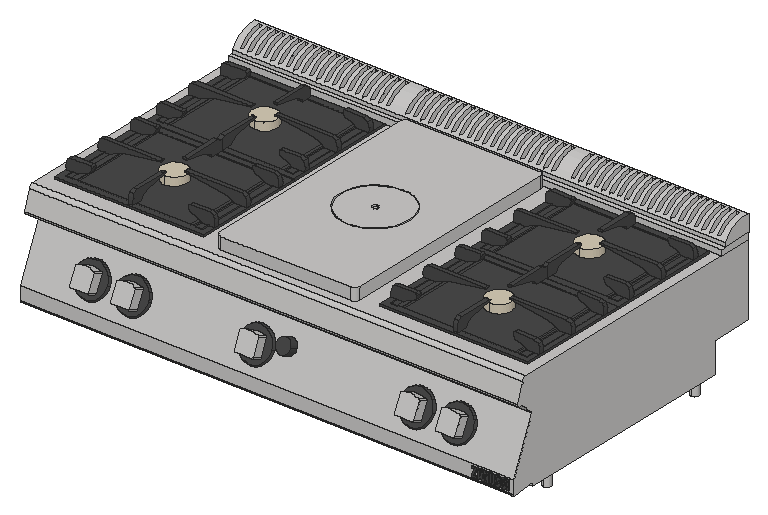
Revit family "QF_ZANUSSI_372012_Z7STGL5000", category Specialty Equipment, Revit 2018 (continued)
Automatic sketch dimensions
  Extrusion 1 sketch curve to plane 5 "FRONT" = 3.796 mm
  Extrusion 1 sketch curve to Extrusion 1 sketch curve = 0.359 mm
  Extrusion 1 sketch curve to plane 5 "FRONT" = 0 mm
  plane 9 to Extrusion 1 sketch curve = 4.371 mm
  Extrusion 1 sketch curve to Extrusion 1 sketch curve = 33.026 mm
  plane 9 to Extrusion 1 sketch curve = 74 mm
  Extrusion 1 sketch curve to Extrusion 1 sketch curve = 76.777 mm
  Extrusion 1 sketch curve to Extrusion 1 sketch curve = 28.652 mm
  Extrusion 1 sketch curve to Extrusion 1 sketch curve = 1.122 mm
  Extrusion 1 sketch curve to Extrusion 1 sketch curve = 3.976 mm
  Extrusion 1 sketch curve to plane 6 "TOP" = 8.152 mm
  Extrusion 1 sketch curve to Extrusion 1 sketch curve = 10.625 mm
  plane 3 "LEFT" to Blend 7 sketch curve = 154.705 mm  (x2)
  plane 3 "LEFT" to Extrusion 8 sketch curve = 131.705 mm
  Extrusion 8 sketch curve to Extrusion 8 sketch curve = 2.997 mm  (x3)
  Extrusion 8 sketch curve to Extrusion 8 sketch curve = 20.003 mm  (x2)
  Extrusion 8 sketch curve to Extrusion 8 sketch curve = 40.005 mm
  Extrusion 8 sketch curve to Extrusion 8 sketch curve = 5.399 mm
  Extrusion 8 sketch curve to Extrusion 8 sketch curve = 40.037 mm
  Extrusion 8 sketch curve to Extrusion 8 sketch curve = 0 mm  (x2)
  plane 3 "LEFT" to Extrusion 9 sketch curve = 137.205 mm
  Extrusion 9 sketch curve to Extrusion 9 sketch curve = 35 mm  (x2)
  plane 3 "LEFT" to Extrusion 10 sketch curve = 272.205 mm
  Extrusion 10 sketch curve to Extrusion 10 sketch curve = 35 mm  (x2)
  plane 3 "LEFT" to Blend 11 sketch curve = 254.705 mm  (x2)
  plane 3 "LEFT" to Extrusion 12 sketch curve = 277.705 mm
  Extrusion 12 sketch curve to Extrusion 12 sketch curve = 2.997 mm  (x3)
  Extrusion 12 sketch curve to Extrusion 12 sketch curve = 20.003 mm  (x2)
  Extrusion 12 sketch curve to Extrusion 12 sketch curve = 40.005 mm
  Extrusion 12 sketch curve to Extrusion 12 sketch curve = 0 mm  (x2)
  Extrusion 12 sketch curve to Extrusion 12 sketch curve = 40.037 mm
  Extrusion 12 sketch curve to Extrusion 12 sketch curve = 5.399 mm
  Blend 13 sketch curve to plane 7 "Center Y" = 45 mm  (x2)
  Extrusion 14 sketch curve to plane 7 "Center Y" = 68 mm
  Extrusion 14 sketch curve to Extrusion 14 sketch curve = 2.997 mm  (x3)
  Extrusion 14 sketch curve to Extrusion 14 sketch curve = 20.003 mm  (x2)
  Extrusion 14 sketch curve to plane 7 "Center Y" = 24.997 mm
  Extrusion 14 sketch curve to Extrusion 14 sketch curve = 5.399 mm
  Extrusion 14 sketch curve to Extrusion 14 sketch curve = 40.037 mm
  Extrusion 14 sketch curve to Extrusion 14 sketch curve = 0 mm  (x2)
  Extrusion 15 sketch curve to plane 7 "Center Y" = 62.5 mm
  Extrusion 15 sketch curve to plane 7 "Center Y" = 27.5 mm
  Extrusion 15 sketch curve to Extrusion 15 sketch curve = 35 mm
  plane 7 "Center Y" to Extrusion 16 sketch curve = 29.726 mm
  Blend 17 sketch curve to plane 4 "RIGHT" = 254.705 mm  (x2)
  Extrusion 18 sketch curve to plane 4 "RIGHT" = 277.705 mm
  Extrusion 18 sketch curve to Extrusion 18 sketch curve = 2.997 mm  (x3)
  Extrusion 18 sketch curve to Extrusion 18 sketch curve = 20.003 mm  (x2)
  Extrusion 18 sketch curve to Extrusion 18 sketch curve = 40.005 mm
  Extrusion 18 sketch curve to Extrusion 18 sketch curve = 5.399 mm
  Extrusion 18 sketch curve to Extrusion 18 sketch curve = 40.037 mm
  Extrusion 18 sketch curve to Extrusion 18 sketch curve = 0 mm  (x2)
  Extrusion 19 sketch curve to plane 4 "RIGHT" = 272.205 mm
  Extrusion 19 sketch curve to Extrusion 19 sketch curve = 35 mm  (x2)
  Extrusion 20 sketch curve to plane 4 "RIGHT" = 137.205 mm
  Extrusion 20 sketch curve to Extrusion 20 sketch curve = 35 mm  (x2)
  Blend 21 sketch curve to plane 4 "RIGHT" = 154.705 mm  (x2)
  Extrusion 22 sketch curve to plane 4 "RIGHT" = 131.705 mm
  Extrusion 22 sketch curve to Extrusion 22 sketch curve = 2.997 mm  (x3)
  Extrusion 22 sketch curve to Extrusion 22 sketch curve = 20.003 mm  (x2)
  Extrusion 22 sketch curve to Extrusion 22 sketch curve = 40.005 mm
  Extrusion 22 sketch curve to Extrusion 22 sketch curve = 0 mm  (x2)
  Extrusion 22 sketch curve to Extrusion 22 sketch curve = 40.037 mm
  Extrusion 22 sketch curve to Extrusion 22 sketch curve = 5.399 mm
  Extrusion 23 sketch curve to plane 6 "TOP" = 0 mm
  Extrusion 23 sketch curve to plane 1 "BACK" = 0 mm
  plane 6 "TOP" to Extrusion 23 sketch curve = 14.288 mm
  Extrusion 23 sketch curve to Extrusion 23 sketch curve = 82 mm
  Extrusion 24 sketch curve to plane 4 "RIGHT" = 14.847 mm
  Extrusion 24 sketch curve to Extrusion 24 sketch curve = 9.296 mm  (x59)
  Extrusion 24 sketch curve to Extrusion 24 sketch curve = 9.397 mm  (x56)
  Extrusion 24 sketch curve to Extrusion 24 sketch curve = 38.47 mm  (x2)
  plane 7 "Center Y" to Extrusion 24 sketch curve = 4.698 mm
  Extrusion 24 sketch curve to plane 7 "Center Y" = 4.698 mm
  plane 1 "BACK" to Extrusion 24 sketch curve = 6.761 mm  (x60)
  Extrusion 24 sketch curve to Extrusion 24 sketch curve = 57.15 mm  (x3)
  Extrusion 24 sketch curve to Extrusion 24 sketch curve = 0 mm  (x57)
  Extrusion 25 sketch curve to plane 1 "BACK" = 0 mm
  plane 1 "BACK" to Extrusion 25 sketch curve = 1.769 mm
  plane 6 "TOP" to Extrusion 25 sketch curve = 23.812 mm
  plane 1 "BACK" to Extrusion 25 sketch curve = 69.85 mm
  Extrusion 25 sketch curve to Extrusion 25 sketch curve = 9.525 mm
  Extrusion 25 sketch curve to plane 6 "TOP" = 28.923 mm
  Extrusion 2 sketch curve to plane 4 "RIGHT" = 11 mm  (x2)
  Extrusion 2 sketch curve to plane 5 "FRONT" = 116 mm  (x2)
  plane 3 "LEFT" to Extrusion 2 sketch curve = 11 mm  (x2)
  plane 1 "BACK" to Extrusion 2 sketch curve = 149 mm  (x2)
  plane 5 "FRONT" to curve 86 = 0 mm
  curve 269 to plane 3 "LEFT" = 0 mm
  plane 5 "FRONT" to curve 277 = 0 mm
  plane 5 "FRONT" to curve 337 = 0 mm
  plane 5 "FRONT" to curve 278 = 0 mm
  plane 5 "FRONT" to curve 279 = 0 mm
  plane 5 "FRONT" to curve 338 = 0 mm
  plane 5 "FRONT" to curve 280 = 0 mm
  curve 280 to plane 4 "RIGHT" = 0 mm
  plane 5 "FRONT" to curve 88 = 0 mm
  plane 1 "BACK" to curve 2 = 0 mm
  curve 86 to plane 3 "LEFT" = 150 mm
  plane 1 "BACK" to curve 6 = 6.761 mm
  plane 3 "LEFT" to curve 6 = 14.847 mm
  curve 6 to curve 8 = 9.296 mm
  curve 8 to curve 10 = 9.397 mm
  curve 10 to curve 12 = 9.296 mm
  curve 11 to curve 14 = 9.397 mm
  curve 14 to curve 16 = 9.296 mm
  curve 15 to curve 18 = 9.397 mm
  curve 18 to curve 20 = 9.296 mm
  curve 20 to curve 22 = 9.397 mm
  curve 22 to curve 24 = 9.296 mm
  curve 24 to curve 26 = 9.397 mm
  curve 26 to curve 28 = 9.296 mm
  curve 28 to curve 33 = 9.397 mm
  plane 5 "FRONT" to curve 289 = 13.034 mm
  plane 3 "LEFT" to curve 289 = 131.705 mm
  curve 290 to curve 290 = 0.809 mm
  curve 290 to curve 291 = 1.846 mm
  curve 290 to curve 295 = 2.189 mm
  curve 30 to curve 31 = 9.296 mm
  curve 32 to curve 34 = 9.397 mm
  curve 34 to curve 35 = 9.296 mm
  curve 35 to curve 38 = 9.397 mm
  curve 38 to curve 39 = 9.296 mm
  curve 295 to curve 295 = 40.005 mm
  curve 294 to curve 294 = 0.343 mm
  curve 294 to curve 293 = 2.189 mm
  curve 293 to curve 292 = 0.809 mm
  curve 39 to curve 42 = 9.397 mm
  curve 42 to curve 45 = 9.296 mm
  curve 44 to curve 49 = 9.397 mm
  curve 46 to curve 47 = 9.296 mm
  curve 47 to curve 50 = 9.397 mm
  curve 50 to curve 51 = 9.296 mm
  plane 5 "FRONT" to curve 301 = 13.034 mm
  curve 293 to curve 301 = 54 mm
  curve 302 to curve 302 = 0.809 mm
  curve 302 to curve 303 = 1.846 mm
  curve 302 to curve 307 = 2.189 mm
  curve 52 to curve 57 = 9.397 mm
  curve 54 to curve 57 = 9.296 mm
  curve 55 to curve 83 = 9.397 mm
  curve 82 to curve 83 = 9.296 mm
  curve 303 to curve 307 = 40.005 mm
  curve 306 to curve 306 = 0.343 mm
  curve 83 to curve 78 = 9.397 mm
  curve 306 to curve 305 = 2.189 mm
  curve 305 to curve 304 = 0.809 mm
  curve 78 to curve 80 = 9.296 mm
  curve 80 to curve 74 = 9.397 mm
  curve 74 to curve 75 = 9.296 mm
  curve 76 to curve 70 = 9.397 mm
  curve 70 to curve 72 = 9.296 mm
  curve 72 to curve 66 = 9.397 mm
  curve 66 to curve 68 = 9.296 mm
  curve 68 to curve 62 = 9.397 mm
  curve 62 to curve 64 = 9.296 mm
  curve 64 to curve 58 = 9.397 mm
  curve 58 to curve 60 = 9.296 mm
  plane 1 "BACK" to curve 110 = 6.761 mm
  curve 59 to curve 110 = 38.47 mm
  curve 109 to curve 111 = 9.296 mm
  curve 111 to curve 116 = 9.397 mm
  curve 113 to curve 116 = 9.296 mm
  curve 115 to curve 120 = 9.397 mm
  curve 117 to curve 119 = 9.296 mm
  curve 118 to curve 122 = 9.397 mm
  curve 121 to curve 122 = 9.296 mm
  curve 122 to curve 125 = 9.397 mm
  curve 125 to curve 127 = 9.296 mm
  curve 126 to curve 129 = 9.397 mm
  curve 129 to curve 130 = 9.296 mm
  curve 130 to curve 134 = 9.397 mm
  plane 5 "FRONT" to curve 270 = 13.034 mm
  curve 270 to plane 7 "Center Y" = 68 mm
  curve 271 to curve 271 = 0.809 mm
  curve 271 to curve 272 = 1.846 mm
  curve 271 to curve 276 = 2.189 mm
  curve 133 to curve 136 = 9.296 mm
  curve 134 to curve 137 = 9.397 mm
  curve 137 to curve 139 = 9.296 mm
  curve 139 to curve 141 = 9.397 mm
  curve 276 to plane 7 "Center Y" = 24.997 mm
  curve 275 to curve 275 = 0.343 mm
  curve 141 to curve 142 = 9.296 mm
  curve 275 to curve 274 = 2.189 mm
  curve 274 to curve 273 = 0.809 mm
  curve 142 to curve 146 = 9.397 mm
  curve 147 to plane 7 "Center Y" = 4.698 mm
  plane 7 "Center Y" to curve 149 = 4.698 mm
  curve 149 to curve 150 = 9.296 mm
  curve 150 to curve 154 = 9.397 mm
  curve 153 to curve 155 = 9.296 mm
  curve 154 to curve 158 = 9.397 mm
  curve 157 to curve 159 = 9.296 mm
  curve 158 to curve 185 = 9.397 mm
  curve 185 to curve 187 = 9.296 mm
  curve 186 to curve 181 = 9.397 mm
  curve 181 to curve 184 = 9.296 mm
  curve 183 to curve 177 = 9.397 mm
  curve 177 to curve 178 = 9.296 mm
  curve 179 to curve 173 = 9.397 mm
  curve 173 to curve 175 = 9.296 mm
  curve 175 to curve 169 = 9.397 mm
  curve 169 to curve 170 = 9.296 mm
  curve 171 to curve 165 = 9.397 mm
  curve 165 to curve 167 = 9.296 mm
  curve 166 to curve 162 = 9.397 mm
  curve 161 to curve 163 = 9.296 mm
  curve 163 to curve 189 = 38.47 mm
  curve 189 to curve 191 = 9.296 mm
  curve 191 to curve 193 = 9.397 mm
  curve 193 to curve 195 = 9.296 mm
  curve 194 to curve 197 = 9.397 mm
  curve 197 to curve 199 = 9.296 mm
  curve 199 to curve 201 = 9.397 mm
  curve 201 to curve 203 = 9.296 mm
  curve 203 to curve 208 = 9.397 mm
  curve 205 to curve 206 = 9.296 mm
  curve 206 to curve 209 = 9.397 mm
  plane 5 "FRONT" to curve 313 = 13.034 mm
  curve 313 to plane 4 "RIGHT" = 277.705 mm
  curve 314 to curve 314 = 0.809 mm
  curve 209 to curve 212 = 9.296 mm
  curve 314 to curve 315 = 1.846 mm
  curve 314 to curve 319 = 2.189 mm
  curve 210 to curve 214 = 9.397 mm
  curve 213 to curve 216 = 9.296 mm
  curve 214 to curve 218 = 9.397 mm
  curve 217 to curve 219 = 9.296 mm
  curve 319 to curve 319 = 40.005 mm
  curve 318 to curve 318 = 0.343 mm
  curve 318 to curve 317 = 2.189 mm
  curve 317 to curve 316 = 0.809 mm
  curve 218 to curve 222 = 9.397 mm
  curve 221 to curve 224 = 9.296 mm
  curve 223 to curve 228 = 9.397 mm
  curve 225 to curve 227 = 9.296 mm
  curve 226 to curve 229 = 9.397 mm
  curve 229 to curve 232 = 9.296 mm
  plane 5 "FRONT" to curve 325 = 13.034 mm
  curve 317 to curve 325 = 54 mm
  curve 326 to curve 326 = 0.809 mm
  curve 326 to curve 327 = 1.846 mm
  curve 326 to curve 331 = 2.189 mm
  curve 231 to curve 233 = 9.397 mm
  curve 233 to curve 235 = 9.296 mm
  curve 234 to curve 237 = 9.397 mm
  curve 237 to curve 239 = 9.296 mm
  curve 239 to curve 265 = 9.397 mm
  curve 327 to curve 331 = 40.005 mm
  curve 330 to curve 330 = 0.343 mm
  curve 330 to curve 329 = 2.189 mm
  curve 329 to curve 328 = 0.809 mm
  curve 265 to curve 268 = 9.296 mm
  curve 266 to curve 261 = 9.397 mm
  curve 261 to curve 262 = 9.296 mm
  curve 263 to curve 257 = 9.397 mm
  curve 257 to curve 259 = 9.296 mm
  curve 259 to curve 253 = 9.397 mm
  curve 253 to curve 254 = 9.296 mm
  curve 255 to curve 252 = 9.397 mm
  curve 249 to curve 251 = 9.296 mm
  curve 250 to curve 246 = 9.397 mm
  curve 245 to curve 246 = 9.296 mm
  curve 247 to curve 241 = 9.397 mm
  curve 241 to curve 243 = 9.296 mm
  plane 4 "RIGHT" to curve 87 = 150 mm
  plane 5 "FRONT" to curve 319 = 14.367 mm
  curve 276 to curve 271 = 1.333 mm
  plane 5 "FRONT" to curve 307 = 14.367 mm
  curve 331 to curve 326 = 1.333 mm
  curve 295 to curve 290 = 1.333 mm
  curve 294 to curve 293 = 1.333 mm
  curve 318 to curve 317 = 1.333 mm
  curve 306 to curve 304 = 1.333 mm
  curve 330 to curve 328 = 1.333 mm
  curve 275 to curve 273 = 1.333 mm
  curve 317 to curve 318 = 2.779 mm
  curve 271 to curve 272 = 2.779 mm
  curve 305 to curve 306 = 2.779 mm
  curve 326 to curve 327 = 2.779 mm
  curve 290 to curve 291 = 2.779 mm
  curve 314 to curve 315 = 2.779 mm
  curve 274 to curve 275 = 2.779 mm
  curve 293 to curve 294 = 2.779 mm
  curve 329 to curve 330 = 2.779 mm
  curve 302 to curve 303 = 2.779 mm
  plane 1 "BACK" to curve 127 = 63.911 mm
  curve 127 to curve 131 = 0 mm
  curve 131 to curve 133 = 0 mm
  plane 1 "BACK" to curve 20 = 63.911 mm
  curve 20 to curve 22 = 0 mm
  curve 135 to curve 137 = 0 mm
  curve 24 to curve 26 = 0 mm
  curve 139 to curve 141 = 0 mm
  curve 116 to curve 125 = 0 mm
  curve 143 to curve 145 = 0 mm
  curve 28 to curve 30 = 0 mm
  curve 147 to curve 149 = 0 mm
  curve 12 to curve 18 = 0 mm
  curve 151 to curve 153 = 0 mm
  curve 32 to curve 34 = 0 mm
  curve 155 to curve 157 = 0 mm
  curve 36 to curve 38 = 0 mm
  plane 1 "BACK" to curve 161 = 63.911 mm
  curve 124 to curve 125 = 0 mm
  curve 165 to curve 161 = 0 mm
  curve 9 to curve 10 = 0 mm
  curve 40 to curve 44 = 0 mm
  curve 169 to curve 165 = 0 mm
  curve 44 to curve 46 = 0 mm
  curve 173 to curve 169 = 0 mm
  curve 112 to curve 113 = 0 mm
  curve 12 to curve 14 = 0 mm
  curve 177 to curve 173 = 0 mm
  curve 48 to curve 50 = 0 mm
  curve 181 to curve 177 = 0 mm
  curve 52 to curve 54 = 0 mm
  curve 159 to curve 185 = 0 mm
  curve 58 to curve 109 = 0 mm
  curve 163 to curve 189 = 0 mm
  curve 191 to curve 193 = 0 mm
  curve 62 to curve 58 = 0 mm
  curve 56 to curve 82 = 0 mm
  curve 195 to curve 197 = 0 mm
  curve 115 to curve 117 = 0 mm
  curve 199 to curve 201 = 0 mm
  curve 203 to curve 205 = 0 mm
  curve 207 to curve 209 = 0 mm
  curve 66 to curve 62 = 0 mm
  curve 211 to curve 213 = 0 mm
  curve 70 to curve 66 = 0 mm
  curve 215 to curve 217 = 0 mm
  curve 74 to curve 70 = 0 mm
  curve 219 to curve 221 = 0 mm
  curve 84 to curve 78 = 0 mm
  curve 223 to curve 225 = 0 mm
  curve 227 to curve 229 = 0 mm
  curve 231 to curve 268 = 0 mm
  curve 231 to curve 233 = 0 mm
  curve 267 to curve 264 = 0 mm
  curve 235 to curve 237 = 0 mm
  curve 263 to curve 260 = 0 mm
  plane 1 "BACK" to curve 241 = 63.911 mm
  curve 259 to curve 256 = 0 mm
  curve 245 to curve 241 = 0 mm
  curve 255 to curve 252 = 0 mm
  plane 1 "BACK" to curve 251 = 6.761 mm
  plane 1 "BACK" to curve 247 = 6.761 mm
  plane 1 "BACK" to curve 253 = 6.761 mm
  plane 1 "BACK" to curve 243 = 6.761 mm
  plane 1 "BACK" to curve 257 = 6.761 mm
  plane 1 "BACK" to curve 239 = 6.761 mm
  plane 1 "BACK" to curve 261 = 6.761 mm
  plane 1 "BACK" to curve 235 = 6.761 mm
  plane 1 "BACK" to curve 265 = 6.761 mm
  plane 1 "BACK" to curve 231 = 6.761 mm
  plane 1 "BACK" to curve 227 = 6.761 mm
  plane 1 "BACK" to curve 80 = 6.761 mm
  plane 1 "BACK" to curve 223 = 6.761 mm
  plane 1 "BACK" to curve 76 = 6.761 mm
  plane 1 "BACK" to curve 219 = 6.761 mm
  plane 1 "BACK" to curve 72 = 6.761 mm
  plane 1 "BACK" to curve 215 = 6.761 mm
  plane 1 "BACK" to curve 68 = 6.761 mm
  plane 1 "BACK" to curve 211 = 6.761 mm
  plane 1 "BACK" to curve 64 = 6.761 mm
  plane 1 "BACK" to curve 207 = 6.761 mm
  plane 1 "BACK" to curve 203 = 6.761 mm
  plane 1 "BACK" to curve 199 = 6.761 mm
  plane 1 "BACK" to curve 195 = 6.761 mm
  plane 1 "BACK" to curve 191 = 6.761 mm
  plane 1 "BACK" to curve 60 = 6.761 mm
  plane 1 "BACK" to curve 187 = 6.761 mm
  plane 1 "BACK" to curve 56 = 6.761 mm
  plane 1 "BACK" to curve 183 = 6.761 mm
  plane 1 "BACK" to curve 52 = 6.761 mm
  plane 1 "BACK" to curve 179 = 6.761 mm
  plane 1 "BACK" to curve 175 = 6.761 mm
  plane 1 "BACK" to curve 171 = 6.761 mm
  plane 1 "BACK" to curve 48 = 6.761 mm
  plane 1 "BACK" to curve 167 = 6.761 mm
  plane 1 "BACK" to curve 44 = 6.761 mm
  plane 1 "BACK" to curve 163 = 6.761 mm
  plane 1 "BACK" to curve 40 = 6.761 mm
  plane 1 "BACK" to curve 159 = 6.761 mm
  plane 1 "BACK" to curve 36 = 6.761 mm
  plane 1 "BACK" to curve 155 = 6.761 mm
  plane 1 "BACK" to curve 151 = 6.761 mm
  plane 1 "BACK" to curve 147 = 6.761 mm
  plane 1 "BACK" to curve 32 = 6.761 mm
  plane 1 "BACK" to curve 143 = 6.761 mm
  plane 1 "BACK" to curve 28 = 6.761 mm
  plane 1 "BACK" to curve 139 = 6.761 mm
  plane 1 "BACK" to curve 24 = 6.761 mm
  plane 1 "BACK" to curve 135 = 6.761 mm
  plane 1 "BACK" to curve 20 = 6.761 mm
  plane 1 "BACK" to curve 131 = 6.761 mm
  plane 1 "BACK" to curve 127 = 6.761 mm
  plane 1 "BACK" to curve 123 = 6.761 mm
  plane 1 "BACK" to curve 16 = 6.761 mm
  plane 1 "BACK" to curve 119 = 6.761 mm
  plane 1 "BACK" to curve 12 = 6.761 mm
  plane 1 "BACK" to curve 115 = 6.761 mm
  plane 1 "BACK" to curve 82 = 6.761 mm
  curve 86 to plane 1 "BACK" = 150 mm
  curve 299 to curve 289 = 17.5 mm
  curve 300 to curve 299 = 0 mm
  curve 299 to curve 299 = 3.203 mm
  curve 298 to curve 298 = 1.853 mm
  curve 298 to curve 298 = 1.144 mm
  curve 295 to curve 296 = 20.003 mm
  curve 289 to curve 300 = 23 mm
  curve 299 to curve 300 = 0 mm
  curve 297 to curve 297 = 2.997 mm
  curve 297 to curve 296 = 1.144 mm
  curve 292 to curve 300 = 14.297 mm
  curve 296 to curve 301 = 21.6 mm
  curve 312 to curve 301 = 17.5 mm
  curve 311 to curve 312 = 0 mm
  curve 312 to curve 311 = 3.203 mm
  curve 310 to curve 310 = 1.853 mm
  curve 310 to curve 310 = 1.144 mm
  curve 303 to curve 308 = 20.003 mm
  curve 301 to curve 311 = 23 mm
  curve 312 to curve 311 = 0 mm
  curve 309 to curve 309 = 2.997 mm
  curve 309 to curve 308 = 1.144 mm
  curve 304 to curve 312 = 14.297 mm
  plane 5 "FRONT" to curve 308 = 16.624 mm
  curve 305 to curve 308 = 32.4 mm
  curve 285 to curve 270 = 17.5 mm
  curve 284 to curve 285 = 0 mm
  curve 285 to curve 284 = 3.203 mm
  curve 283 to curve 281 = 1.853 mm
  curve 283 to curve 283 = 1.144 mm
  curve 270 to curve 284 = 23 mm
  curve 285 to curve 284 = 0 mm
  curve 272 to curve 281 = 20.003 mm
  curve 282 to curve 282 = 2.997 mm
  curve 282 to curve 282 = 1.144 mm
  curve 285 to plane 7 "Center Y" = 7.703 mm
  plane 7 "Center Y" to curve 281 = 10.4 mm
  plane 7 "Center Y" to curve 288 = 11.726 mm
  curve 288 to curve 286 = 0.309 mm
  curve 286 to plane 5 "FRONT" = 13.611 mm
  curve 286 to curve 286 = 17.691 mm
  curve 324 to curve 313 = 17.5 mm
  curve 323 to curve 324 = 0 mm  (x2)
  curve 323 to curve 323 = 3.203 mm
  curve 322 to curve 322 = 1.853 mm
  curve 322 to curve 322 = 1.144 mm
  curve 313 to curve 324 = 23 mm
  curve 319 to curve 320 = 20.003 mm
  curve 321 to curve 321 = 2.997 mm
  curve 321 to curve 321 = 1.144 mm
  curve 316 to curve 324 = 14.297 mm
  curve 320 to curve 325 = 21.6 mm
  curve 335 to curve 325 = 17.5 mm
  curve 336 to curve 335 = 0 mm  (x2)
  curve 336 to curve 335 = 3.203 mm
  curve 334 to curve 332 = 1.853 mm
  curve 334 to curve 334 = 1.144 mm
  curve 325 to curve 335 = 23 mm
  curve 327 to curve 332 = 20.003 mm
  curve 333 to curve 333 = 2.997 mm
  curve 333 to curve 333 = 1.144 mm
  curve 328 to curve 336 = 14.297 mm
  plane 5 "FRONT" to curve 332 = 16.624 mm
  curve 329 to curve 332 = 32.4 mm
  plane 5 "FRONT" to curve 281 = 16.624 mm
  plane 5 "FRONT" to curve 320 = 16.624 mm
  plane 5 "FRONT" to curve 296 = 16.624 mm
  curve 333 to plane 5 "FRONT" = 3.626 mm
  curve 297 to plane 5 "FRONT" = 3.626 mm
  curve 322 to plane 5 "FRONT" = 3.626 mm
  curve 298 to plane 5 "FRONT" = 3.626 mm
  curve 334 to plane 5 "FRONT" = 3.626 mm
  curve 321 to plane 5 "FRONT" = 3.626 mm
  curve 309 to plane 5 "FRONT" = 3.626 mm
  curve 310 to plane 5 "FRONT" = 3.626 mm
  curve 283 to plane 5 "FRONT" = 3.626 mm
  curve 282 to plane 5 "FRONT" = 3.626 mm
  curve 283 to curve 281 = 1.158 mm
  curve 310 to curve 310 = 1.158 mm
  curve 333 to curve 333 = 1.158 mm
  curve 321 to curve 320 = 1.158 mm
  curve 298 to curve 298 = 1.158 mm
  curve 320 to curve 323 = 2.878 mm
  curve 309 to curve 312 = 2.878 mm
  curve 308 to curve 311 = 2.878 mm
  curve 281 to curve 284 = 2.878 mm
  curve 282 to curve 285 = 2.878 mm
  curve 297 to curve 300 = 2.878 mm
  curve 332 to curve 335 = 2.878 mm
  curve 296 to curve 299 = 2.878 mm
  curve 333 to curve 336 = 2.878 mm
  curve 321 to curve 324 = 2.878 mm
  curve 287 to curve 286 = 0 mm
  curve 288 to plane 5 "FRONT" = 13.611 mm
  curve 284 to plane 5 "FRONT" = 15 mm
  curve 4 to curve 6 = 12.289 mm
  curve 4 to curve 5 = 6.35 mm
  radius of Extrusion 3 sketch curve = 6.35 mm
  radius of Extrusion 5 sketch curve = 82.55 mm
  radius of Extrusion 5 sketch curve = 7 mm
  radius of Blend 7 sketch curve = 42.5 mm
  radius of Blend 7 sketch curve = 40.5 mm
  radius of Blend 11 sketch curve = 42.5 mm
  radius of Blend 11 sketch curve = 40.5 mm
  radius of Blend 13 sketch curve = 42.5 mm
  radius of Blend 13 sketch curve = 40.5 mm
  radius of Extrusion 16 sketch curve = 18 mm
  radius of Blend 17 sketch curve = 42.5 mm
  radius of Blend 17 sketch curve = 40.5 mm
  radius of Blend 21 sketch curve = 42.5 mm
  radius of Blend 21 sketch curve = 40.5 mm
  radius of Extrusion 2 sketch curve = 9.5 mm  (x4)
Nested families
  nested 1: "QF_372012_BURNER" at (22.205, -365, 49.787), type "QF_372012_BURNER"
  nested 2: "QF_372012_BURNER" at (22.205, -364.695, 49.787), type "QF_372012_BURNER"
  nested 3: "QF_372012_BURNER" at (1177.795, -365, 49.787) x (-1, 0, 0) z (0, 0, 1), type "QF_372012_BURNER"
  nested 4: "QF_372012_BURNER" at (1177.795, -364.695, 49.787) x (-1, 0, 0) z (0, 0, 1), type "QF_372012_BURNER"
  nested 5: "ZAN_Logo_S" at (1145, -715, 674.628) x (1, 0, 0) z (0, -1, 0), type "ZAN_Logo_S"
Connectors
  piping at (1148, -76.2, 687), diameter 12.8
    settings: on Extrusion 3, index 2, connector inside diameter 0.50394", connector length 0 mm, flow factor 0, pipe flow 0 GPM, pressure drop 0.00 psi, fitting loss kfactor 0, connector angle 0.00°, fixture units 0, engagement length 0 mm, angle of deflection 0.00°, flow configuration 1, flow direction 1, fitting loss method 0, system type 7, joint type 0, gender type 0, connector reference index -1, connector utility 0, adjustable connector no, is connector primary yes, connector description ""
Definition of nested family "QF_372012_BURNER"
  Parameters
    Model = ""
    Manufacturer = ""
  Reference planes
    plane 1 "BACK": y = 0
    plane 2: z = 0
    plane 3 "LEFT": x = 0
    plane 4 "RIGHT": x = 365
    plane 5 "FRONT": y = -275
    plane 6 "TOP": z = 1362.406
    plane 7 "Center Y": x = 182.5
    plane 8 "Center X": y = -137.5
  Forms (mm)
    Extrusion 1, solid
      sketch origin (-5, -366.911, 5) x (1, 0, 0) y (0, 0, -1)
        loop
          arc (7.142, -850.85) -> (6.739, -862.989) -> (9.761, -874.752) r 42.809
          line (9.761, -874.752) -> (19.961, -879.425) -> (157.339, -879.425)
          arc (157.339, -879.425) -> (158.533, -878.312) -> (157.506, -877.043) r 1.197
          line (157.506, -877.043) -> (64.848, -864.021)
          arc (64.848, -864.021) -> (50.111, -858.738) -> (36.589, -850.85) r 85.245
          line (36.589, -850.85) -> (7.142, -850.85)
        loop
          line (367.858, -850.85) -> (338.411, -850.85)
          arc (338.411, -850.85) -> (324.889, -858.738) -> (310.152, -864.021) r 85.245
          line (310.152, -864.021) -> (217.494, -877.043)
          arc (217.494, -877.043) -> (216.467, -878.312) -> (217.661, -879.425) r 1.197
          line (217.661, -879.425) -> (355.039, -879.425) -> (365.239, -874.752)
          arc (365.239, -874.752) -> (368.261, -862.989) -> (367.858, -850.85) r 42.809
      from 224.564 to 234.564
    Extrusion 2, solid
      sketch origin (-5, -366.911, 5) x (1, 0, 0) y (0, 0, -1)
        loop
          arc (7.056, -850.85) -> (6.705, -862.948) -> (9.748, -874.663) r 42.876
          line (9.748, -874.663) -> (19.961, -879.425) -> (65.851, -879.425)
          arc (65.851, -879.425) -> (68.577, -878.352) -> (69.841, -875.709) r 4
          arc (69.841, -875.709) -> (68.75, -869.25) -> (64.816, -864.012) r 13.87
          arc (64.816, -864.012) -> (50.096, -858.731) -> (36.589, -850.85) r 85.245
          line (36.589, -850.85) -> (7.056, -850.85)
        loop
          line (367.944, -850.85) -> (338.411, -850.85)
          arc (338.411, -850.85) -> (324.904, -858.731) -> (310.184, -864.012) r 85.245
          arc (310.184, -864.012) -> (306.25, -869.25) -> (305.159, -875.709) r 13.87
          arc (305.159, -875.709) -> (306.423, -878.352) -> (309.149, -879.425) r 4
          line (309.149, -879.425) -> (355.039, -879.425) -> (365.252, -874.663)
          arc (365.252, -874.663) -> (368.295, -862.948) -> (367.944, -850.85) r 42.876
      from 127.064 to 137.064
    Extrusion 3, solid
      sketch origin (-5, 92.216, 5) x (1, 0, 0) y (0, 0, 1)
        loop
          arc (64.816, 864.012) -> (68.75, 869.25) -> (69.841, 875.709) r 13.87
          arc (69.841, 875.709) -> (68.577, 878.352) -> (65.851, 879.425) r 4
          line (65.851, 879.425) -> (19.961, 879.425) -> (9.748, 874.663)
          arc (9.748, 874.663) -> (6.705, 862.948) -> (7.056, 850.85) r 42.876
          line (7.056, 850.85) -> (36.589, 850.85)
          arc (36.589, 850.85) -> (50.096, 858.731) -> (64.816, 864.012) r 85.245
        loop
          arc (310.184, 864.012) -> (324.904, 858.731) -> (338.411, 850.85) r 85.245
          line (338.411, 850.85) -> (367.944, 850.85)
          arc (367.944, 850.85) -> (368.295, 862.948) -> (365.252, 874.663) r 42.876
          line (365.252, 874.663) -> (355.039, 879.425) -> (309.149, 879.425)
          arc (309.149, 879.425) -> (306.423, 878.352) -> (305.159, 875.709) r 4
          arc (305.159, 875.709) -> (306.25, 869.25) -> (310.184, 864.012) r 13.87
      from 127.064 to 137.064
    Extrusion 4, solid
      sketch origin (449.964, 337.736, 5) x (0, -1, 0) y (0, 0, 1)
        loop
          arc (366.649, 850.85) -> (375.927, 861.743) -> (389.337, 866.736) r 28.426
          line (389.337, 866.736) -> (441.256, 877.043)
          arc (441.256, 877.043) -> (442.283, 878.312) -> (441.089, 879.425) r 1.197
          line (441.089, 879.425) -> (347.797, 879.425)
          arc (347.797, 879.425) -> (343.211, 875.934) -> (337.583, 874.694) r 13.39
          line (337.583, 874.694) -> (337.583, 850.85) -> (366.649, 850.85)
        loop
          arc (606.236, 850.85) -> (606.587, 862.948) -> (603.543, 874.663) r 42.876
          line (603.543, 874.663) -> (593.33, 879.425) -> (509.077, 879.425)
          arc (509.077, 879.425) -> (507.883, 878.312) -> (508.911, 877.043) r 1.197
          line (508.911, 877.043) -> (560.83, 866.736)
          arc (560.83, 866.736) -> (574.239, 861.743) -> (583.518, 850.85) r 28.426
          line (583.518, 850.85) -> (606.236, 850.85)
      from 262.464 to 272.464
    Extrusion 5, solid
      sketch origin (-5, 367.216, 850.85) x (0, -1, 0) y (1, 0, 0)
        loop
          line (642.216, 6.433) -> (642.216, 368.567) -> (367.857, 368.567) -> (367.857, 6.433) -> (642.216, 6.433)
        loop
          line (382.857, 21.433) -> (627.216, 21.433) -> (627.216, 353.567) -> (382.857, 353.567) -> (382.857, 21.433)
      from 0 to 5
    Extrusion 6, solid
      sketch origin (-17.5, 367.216, 855.85) x (0, -1, 0) y (1, 0, 0)
        loop
          circle (504.356, 200) r 30
      from -1.321 to 17.134
    Extrusion 7, solid
      sketch origin (-5, -366.911, 0) x (1, 0, 0) y (0, 0, -1)
        loop
          line (21.433, -855.85) -> (36.589, -855.85)
          arc (36.589, -855.85) -> (40.561, -855.243) -> (44.305, -853.783) r 18.259
          arc (44.305, -853.783) -> (45.997, -853.366) -> (47.69, -853.783) r 3.649
          arc (47.69, -853.783) -> (49.901, -854.522) -> (52.232, -854.529) r 7.328
          line (52.232, -854.529) -> (322.768, -854.529)
          arc (322.768, -854.529) -> (325.099, -854.522) -> (327.31, -853.783) r 7.328
          arc (327.31, -853.783) -> (329.003, -853.366) -> (330.695, -853.783) r 3.649
          arc (330.695, -853.783) -> (334.439, -855.243) -> (338.411, -855.85) r 18.259
          line (338.411, -855.85) -> (353.567, -855.85) -> (353.567, -850.85) -> (21.433, -850.85) -> (21.433, -855.85)
      from 106.911 to 351.27
  Lines and regions (mm)
    symbolic lines
      curve 1: line (1.433, -275, 150) -> (363.567, -275, 150)
      curve 2: line (1.433, -0.641, 150) -> (1.433, -275, 150)
      curve 3: line (363.567, -0.641, 150) -> (187.5, -0.641, 150)
      curve 4: line (363.567, -275, 150) -> (363.567, -0.641, 150)
      curve 5: line (348.567, -15.641, 150) -> (187.5, -15.641, 150)
      curve 6: line (348.567, -260, 150) -> (348.567, -239.848, 150)
      curve 7: line (16.433, -260, 150) -> (177.5, -260, 150)
      curve 8: line (16.433, -15.641, 150) -> (16.433, -34.848, 150)
      curve 9: line (47.232, -260, 150) -> (47.232, -239.848, 150)
      curve 10: line (317.567, -15.641, 150) -> (317.567, -34.848, 150)
      curve 11: line (143.125, -132.348, 150) -> (143.125, -15.641, 150)
      curve 12: line (149.375, -15.641, 150) -> (149.375, -132.348, 150)
      curve 13: arc (143.297, -142.348, 150) -> (154.191, -166.038, 150) -> (177.5, -177.726, 150) r 39.375
      curve 14: arc (215.42, -142.348, 150) -> (206.39, -161.616, 150) -> (187.5, -171.415, 150) r 33.125
      curve 15: line (215.625, -15.641, 150) -> (215.625, -132.348, 150)
      curve 16: line (221.875, -132.348, 150) -> (221.875, -15.641, 150)
      curve 17: line (187.5, -269.123, 150) -> (187.5, -168.403, 150)
      curve 18: arc (177.657, -107.534, 150) -> (161.195, -116.02, 150) -> (152.853, -132.555, 150) r 30
      curve 19: arc (187.224, -166.766, 150) -> (203.621, -158.445, 150) -> (212.084, -142.121, 150) r 30
      curve 20: line (363.567, -229.848, 150) -> (300.159, -229.848, 150)
      curve 21: line (1.433, -239.848, 150) -> (64.841, -239.848, 150)
      curve 22: line (1.433, -142.348, 150) -> (151.429, -142.348, 150)
      curve 23: line (363.567, -132.348, 150) -> (213.571, -132.348, 150)
      curve 24: line (1.433, -44.848, 150) -> (64.841, -44.848, 150)
      curve 25: line (363.567, -34.848, 150) -> (300.159, -34.848, 150)
      curve 26: line (64.841, -229.848, 150) -> (1.433, -229.848, 150)
      curve 27: line (300.159, -239.848, 150) -> (363.567, -239.848, 150)
      curve 28: line (64.841, -34.848, 150) -> (1.433, -34.848, 150)
      curve 29: line (300.159, -44.848, 150) -> (363.567, -44.848, 150)
      curve 30: arc (64.841, -229.848, 150) -> (69.841, -234.848, 150) -> (64.841, -239.848, 150) r 5
      curve 31: arc (300.159, -239.848, 150) -> (295.159, -234.848, 150) -> (300.159, -229.848, 150) r 5
      curve 32: arc (64.841, -34.848, 150) -> (69.841, -39.848, 150) -> (64.841, -44.848, 150) r 5
      curve 33: arc (300.159, -44.848, 150) -> (295.159, -39.848, 150) -> (300.159, -34.848, 150) r 5
      curve 34: line (16.433, -44.848, 150) -> (16.433, -132.348, 150)
      curve 35: line (47.232, -34.848, 150) -> (47.232, -15.641, 150)
      curve 36: line (16.433, -142.348, 150) -> (16.433, -229.848, 150)
      curve 37: line (47.232, -132.348, 150) -> (47.232, -44.848, 150)
      curve 38: line (47.232, -229.848, 150) -> (47.232, -142.348, 150)
      curve 39: line (16.433, -239.848, 150) -> (16.433, -260, 150)
      curve 40: line (317.567, -239.848, 150) -> (317.567, -260, 150)
      curve 41: line (348.567, -229.848, 150) -> (348.567, -142.348, 150)
      curve 42: line (317.567, -142.348, 150) -> (317.567, -229.848, 150)
      curve 43: line (348.567, -132.348, 150) -> (348.567, -44.848, 150)
      curve 44: line (348.567, -34.848, 150) -> (348.567, -15.641, 150)
      curve 45: line (317.567, -44.848, 150) -> (317.567, -132.348, 150)
      curve 46: line (151.429, -132.348, 150) -> (1.433, -132.348, 150)
      curve 47: line (213.571, -142.348, 150) -> (363.567, -142.348, 150)
      curve 48: arc (213.571, -132.348, 150) -> (208.571, -137.348, 150) -> (213.571, -142.348, 150) r 5
      curve 49: arc (151.429, -132.348, 150) -> (156.429, -137.348, 150) -> (151.429, -142.348, 150) r 5
      curve 50: arc (152.916, -142.121, 150) -> (161.379, -158.445, 150) -> (177.776, -166.766, 150) r 30
      curve 51: arc (212.147, -132.555, 150) -> (203.805, -116.02, 150) -> (187.343, -107.534, 150) r 30
      curve 52: line (177.5, -168.403, 150) -> (177.5, -269.123, 150)
      curve 53: line (187.5, -106.292, 150) -> (187.5, 0.152, 150)
      curve 54: arc (187.5, -168.403, 150) -> (182.5, -163.403, 150) -> (177.5, -168.403, 150) r 5
      curve 55: arc (187.5, -106.292, 150) -> (182.5, -111.292, 150) -> (177.5, -106.292, 150) r 5
      curve 56: line (177.5, -0.641, 150) -> (1.433, -0.641, 150)
      curve 57: line (177.5, -15.641, 150) -> (16.433, -15.641, 150)
      curve 58: arc (187.5, -37.355, 150) -> (191.398, -49.855, 150) -> (187.5, -62.355, 150) r 21.993
      curve 59: arc (191.181, -52.932, 150) -> (194.482, -49.855, 150) -> (191.181, -46.779, 150) r 3.084
      curve 60: arc (177.5, -37.355, 150) -> (173.602, -49.855, 150) -> (177.5, -62.355, 150) r 21.993
      curve 61: arc (173.819, -52.932, 150) -> (170.518, -49.855, 150) -> (173.819, -46.779, 150) r 3.084
      curve 62: line (177.5, 0.152, 150) -> (177.5, -106.292, 150)
      curve 63: arc (177.5, -171.415, 150) -> (158.61, -161.616, 150) -> (149.58, -142.348, 150) r 33.125
      curve 64: arc (187.5, -177.726, 150) -> (210.809, -166.038, 150) -> (221.703, -142.348, 150) r 39.375
      curve 65: line (177.5, -269.123, 150) -> (187.5, -269.123, 150)
      curve 66: line (177.5, -10.061, 150) -> (187.5, -10.061, 150)
      curve 67: line (177.5, 0.152, 150) -> (187.5, 0.152, 150)
      curve 68: line (187.5, -260, 150) -> (348.567, -260, 150)
  Dimensions and locks
    equal spacing: plane 3 "LEFT", plane 7 "Center Y", plane 4 "RIGHT"
    plane 3 "LEFT" to plane 4 "RIGHT" = 365 mm
    equal spacing: plane 5 "FRONT", plane 8 "Center X", plane 1 "BACK"
    plane 5 "FRONT" to plane 1 "BACK" = 275 mm
    aligned and locked: level to plane 2
  Automatic sketch dimensions
    plane 3 "LEFT" to Extrusion 1 sketch curve = 2.142 mm
    plane 3 "LEFT" to Extrusion 1 sketch curve = 4.761 mm
    Extrusion 1 sketch curve to Extrusion 1 sketch curve = 10.201 mm
    Extrusion 1 sketch curve to Extrusion 1 sketch curve = 29.447 mm
    Extrusion 1 sketch curve to Extrusion 1 sketch curve = 12.704 mm  (x2)
    Extrusion 1 sketch curve to Extrusion 1 sketch curve = 15.555 mm  (x2)
    plane 3 "LEFT" to Extrusion 1 sketch curve = 81.122 mm
    Extrusion 1 sketch curve to plane 7 "Center Y" = 30.161 mm
    Extrusion 1 sketch curve to Extrusion 1 sketch curve = 0.167 mm  (x2)
    plane 7 "Center Y" to Extrusion 1 sketch curve = 29.994 mm
    Extrusion 1 sketch curve to plane 4 "RIGHT" = 81.122 mm
    Extrusion 1 sketch curve to plane 4 "RIGHT" = 59.848 mm
    Extrusion 1 sketch curve to plane 4 "RIGHT" = 14.961 mm
    Extrusion 1 sketch curve to plane 4 "RIGHT" = 4.761 mm
    Extrusion 1 sketch curve to plane 4 "RIGHT" = 2.142 mm
    Extrusion 1 sketch curve to plane 6 "TOP" = 477.981 mm
    Extrusion 1 sketch curve to Extrusion 1 sketch curve = 0 mm
    Extrusion 1 sketch curve to Extrusion 1 sketch curve = 1.197 mm  (x2)
    Extrusion 1 sketch curve to Extrusion 1 sketch curve = 4.673 mm  (x2)
    Extrusion 1 sketch curve to Extrusion 1 sketch curve = 15.404 mm  (x2)
    Extrusion 1 sketch curve to Extrusion 1 sketch curve = 5.694 mm  (x2)
    plane 3 "LEFT" to Extrusion 2 sketch curve = 2.056 mm
    plane 3 "LEFT" to Extrusion 2 sketch curve = 4.748 mm
    Extrusion 2 sketch curve to Extrusion 2 sketch curve = 10.213 mm
    Extrusion 2 sketch curve to Extrusion 2 sketch curve = 29.533 mm
    Extrusion 2 sketch curve to Extrusion 2 sketch curve = 12.72 mm  (x2)
    Extrusion 2 sketch curve to Extrusion 2 sketch curve = 6.697 mm
    Extrusion 2 sketch curve to Extrusion 2 sketch curve = 8.81 mm
    Extrusion 2 sketch curve to Extrusion 2 sketch curve = 9.845 mm  (x2)
    Extrusion 2 sketch curve to Extrusion 2 sketch curve = 3.99 mm  (x2)
    Extrusion 2 sketch curve to Extrusion 2 sketch curve = 0 mm  (x3)
    plane 3 "LEFT" to Extrusion 2 sketch curve = 81.122 mm
    Extrusion 2 sketch curve to plane 4 "RIGHT" = 81.122 mm
    Extrusion 2 sketch curve to plane 4 "RIGHT" = 64.841 mm
    Extrusion 2 sketch curve to Extrusion 2 sketch curve = 1.035 mm
    Extrusion 2 sketch curve to Extrusion 2 sketch curve = 15.507 mm
    Extrusion 2 sketch curve to plane 4 "RIGHT" = 14.961 mm
    Extrusion 2 sketch curve to plane 4 "RIGHT" = 4.748 mm
    Extrusion 2 sketch curve to plane 4 "RIGHT" = 2.056 mm
    Extrusion 2 sketch curve to plane 6 "TOP" = 477.981 mm
    Extrusion 2 sketch curve to Extrusion 2 sketch curve = 3.716 mm  (x2)
    Extrusion 2 sketch curve to Extrusion 2 sketch curve = 4.763 mm  (x2)
    Extrusion 2 sketch curve to Extrusion 2 sketch curve = 5.881 mm  (x2)
    plane 3 "LEFT" to Extrusion 3 sketch curve = 2.056 mm
    plane 3 "LEFT" to Extrusion 3 sketch curve = 4.748 mm
    Extrusion 3 sketch curve to Extrusion 3 sketch curve = 10.213 mm
    Extrusion 3 sketch curve to Extrusion 3 sketch curve = 29.533 mm
    Extrusion 3 sketch curve to Extrusion 3 sketch curve = 12.72 mm  (x2)
    Extrusion 3 sketch curve to Extrusion 3 sketch curve = 6.697 mm
    Extrusion 3 sketch curve to Extrusion 3 sketch curve = 8.81 mm
    Extrusion 3 sketch curve to Extrusion 3 sketch curve = 9.845 mm  (x2)
    Extrusion 3 sketch curve to Extrusion 3 sketch curve = 3.99 mm  (x2)
    Extrusion 3 sketch curve to Extrusion 3 sketch curve = 0 mm  (x3)
    plane 3 "LEFT" to Extrusion 3 sketch curve = 81.122 mm
    Extrusion 3 sketch curve to plane 4 "RIGHT" = 81.122 mm
    Extrusion 3 sketch curve to plane 4 "RIGHT" = 64.841 mm
    Extrusion 3 sketch curve to Extrusion 3 sketch curve = 1.035 mm
    Extrusion 3 sketch curve to Extrusion 3 sketch curve = 15.507 mm
    Extrusion 3 sketch curve to plane 4 "RIGHT" = 14.961 mm
    Extrusion 3 sketch curve to plane 4 "RIGHT" = 4.748 mm
    Extrusion 3 sketch curve to plane 4 "RIGHT" = 2.056 mm
    Extrusion 3 sketch curve to plane 6 "TOP" = 575.932 mm
    Extrusion 3 sketch curve to Extrusion 3 sketch curve = 69.377 mm  (x2)
    Extrusion 3 sketch curve to Extrusion 3 sketch curve = 7.281 mm  (x2)
    Extrusion 3 sketch curve to Extrusion 3 sketch curve = 10.713 mm  (x2)
    Extrusion 4 sketch curve to plane 1 "BACK" = 0.152 mm
    plane 1 "BACK" to Extrusion 4 sketch curve = 10.061 mm
    plane 1 "BACK" to Extrusion 4 sketch curve = 28.913 mm
    Extrusion 4 sketch curve to Extrusion 4 sketch curve = 22.688 mm
    Extrusion 4 sketch curve to Extrusion 4 sketch curve = 25.583 mm
    plane 8 "Center X" to Extrusion 4 sketch curve = 34.146 mm
    Extrusion 4 sketch curve to Extrusion 4 sketch curve = 0.167 mm  (x2)
    Extrusion 4 sketch curve to plane 8 "Center X" = 33.675 mm
    Extrusion 4 sketch curve to plane 5 "FRONT" = 54.801 mm
    Extrusion 4 sketch curve to Extrusion 4 sketch curve = 2.895 mm
    Extrusion 4 sketch curve to Extrusion 4 sketch curve = 3.153 mm
    Extrusion 4 sketch curve to Extrusion 4 sketch curve = 19.535 mm
    Extrusion 4 sketch curve to plane 5 "FRONT" = 19.405 mm
    Extrusion 4 sketch curve to plane 5 "FRONT" = 9.192 mm
    Extrusion 4 sketch curve to plane 5 "FRONT" = 6.5 mm
    Extrusion 4 sketch curve to plane 6 "TOP" = 518.947 mm
    Extrusion 4 sketch curve to Extrusion 4 sketch curve = 0 mm
    Extrusion 4 sketch curve to Extrusion 4 sketch curve = 12.392 mm  (x2)
    Extrusion 4 sketch curve to Extrusion 4 sketch curve = 8.605 mm
    Extrusion 4 sketch curve to Extrusion 4 sketch curve = 23.844 mm
    Extrusion 4 sketch curve to Extrusion 4 sketch curve = 10.307 mm  (x2)
    Extrusion 4 sketch curve to Extrusion 4 sketch curve = 1.185 mm  (x2)
    plane 5 "FRONT" to Extrusion 5 sketch curve = 0 mm
    Extrusion 5 sketch curve to plane 5 "FRONT" = 15 mm
    plane 1 "BACK" to Extrusion 5 sketch curve = 15.641 mm
    plane 1 "BACK" to Extrusion 5 sketch curve = 0.641 mm
    plane 3 "LEFT" to Extrusion 5 sketch curve = 1.433 mm
    plane 3 "LEFT" to Extrusion 5 sketch curve = 16.433 mm
    Extrusion 5 sketch curve to plane 4 "RIGHT" = 16.433 mm
    Extrusion 5 sketch curve to plane 4 "RIGHT" = 1.433 mm
    Extrusion 5 to Extrusion 6 sketch curve = 121.499 mm
    Extrusion 5 to Extrusion 6 sketch curve = 166.067 mm
    plane 3 "LEFT" to Extrusion 7 sketch curve = 16.433 mm
    Extrusion 7 sketch curve to Extrusion 7 sketch curve = 14.402 mm
    Extrusion 7 sketch curve to Extrusion 7 sketch curve = 15.156 mm  (x2)
    Extrusion 7 sketch curve to Extrusion 7 sketch curve = 7.716 mm  (x2)
    Extrusion 7 sketch curve to Extrusion 7 sketch curve = 0 mm  (x5)
    Extrusion 7 sketch curve to Extrusion 7 sketch curve = 1.692 mm  (x2)
    Extrusion 7 sketch curve to Extrusion 7 sketch curve = 3.385 mm  (x2)
    Extrusion 7 sketch curve to Extrusion 7 sketch curve = 3.399 mm
    Extrusion 7 sketch curve to Extrusion 7 sketch curve = 4.542 mm  (x2)
    Extrusion 7 sketch curve to plane 4 "RIGHT" = 47.232 mm
    Extrusion 7 sketch curve to Extrusion 7 sketch curve = 1.143 mm
    Extrusion 7 sketch curve to Extrusion 7 sketch curve = 15.253 mm
    Extrusion 7 sketch curve to plane 6 "TOP" = 505.39 mm
    Extrusion 7 sketch curve to Extrusion 7 sketch curve = 1.165 mm
    Extrusion 7 sketch curve to Extrusion 7 sketch curve = 5 mm
    curve 13 to curve 14 = 0 mm  (x2)
    curve 13 to curve 63 = 0 mm  (x2)
    curve 13 to curve 64 = 0 mm  (x2)
    curve 18 to curve 19 = 0 mm  (x2)
    curve 18 to curve 50 = 0 mm  (x2)
    curve 18 to curve 51 = 0 mm  (x2)
    plane 5 "FRONT" to curve 1 = 0 mm
    curve 51 to plane 7 "Center Y" = 0 mm
    curve 63 to plane 7 "Center Y" = 0 mm
    curve 54 to plane 7 "Center Y" = 0 mm
    curve 55 to plane 7 "Center Y" = 0 mm
    plane 7 "Center Y" to curve 19 = 4.724 mm
    plane 7 "Center Y" to curve 51 = 4.843 mm
    curve 53 to plane 1 "BACK" = 0.152 mm
    plane 7 "Center Y" to curve 53 = 5 mm
    plane 7 "Center Y" to curve 64 = 5 mm
    curve 3 to curve 53 = 0 mm
    plane 7 "Center Y" to curve 59 = 8.681 mm
    curve 59 to curve 59 = 0 mm
    curve 59 to curve 59 = 0.216 mm
    curve 60 to curve 59 = 4.198 mm
    curve 19 to plane 8 "Center X" = 4.621 mm
    plane 7 "Center Y" to curve 19 = 29.584 mm
    curve 51 to curve 19 = 0.064 mm
    curve 23 to curve 51 = 1.424 mm
    curve 14 to curve 47 = 1.849 mm
    curve 15 to curve 48 = 2.054 mm
    curve 64 to curve 14 = 6.283 mm
    curve 16 to curve 15 = 6.25 mm
    curve 31 to plane 5 "FRONT" = 35.152 mm
    curve 31 to plane 4 "RIGHT" = 64.841 mm
    plane 1 "BACK" to curve 33 = 34.848 mm
    curve 33 to plane 4 "RIGHT" = 64.841 mm
    curve 10 to curve 33 = 17.408 mm
    curve 42 to plane 4 "RIGHT" = 47.433 mm
    curve 45 to curve 10 = 0 mm
    curve 40 to curve 42 = 0 mm
    curve 68 to plane 4 "RIGHT" = 16.433 mm
    curve 41 to curve 6 = 0 mm
    curve 5 to plane 4 "RIGHT" = 16.433 mm
    curve 43 to curve 41 = 0 mm
    curve 27 to plane 4 "RIGHT" = 1.433 mm
    curve 50 to curve 52 = 0.276 mm
    curve 18 to curve 55 = 0.157 mm
    curve 61 to plane 7 "Center Y" = 8.681 mm
    curve 61 to curve 61 = 0 mm
    curve 61 to curve 61 = 0.216 mm
    curve 61 to curve 58 = 4.198 mm
    curve 50 to plane 8 "Center X" = 4.621 mm
    plane 8 "Center X" to curve 18 = 4.945 mm
    curve 50 to curve 18 = 0.064 mm
    curve 18 to curve 49 = 1.424 mm
    curve 22 to curve 63 = 1.849 mm
    curve 57 to curve 12 = 28.125 mm
    curve 63 to curve 13 = 6.283 mm
    curve 12 to curve 11 = 6.25 mm
    plane 3 "LEFT" to curve 24 = 64.841 mm
    curve 21 to plane 5 "FRONT" = 35.152 mm
    plane 3 "LEFT" to curve 21 = 64.841 mm
    curve 28 to curve 35 = 17.609 mm
    plane 3 "LEFT" to curve 37 = 47.232 mm
    curve 38 to curve 37 = 0 mm
    curve 9 to curve 38 = 0 mm
    plane 3 "LEFT" to curve 34 = 16.433 mm
    plane 3 "LEFT" to curve 57 = 16.433 mm
    curve 36 to curve 34 = 0 mm
    curve 39 to curve 36 = 0 mm
    plane 1 "BACK" to curve 56 = 0.641 mm
    plane 3 "LEFT" to curve 56 = 1.433 mm
    plane 1 "BACK" to curve 4 = 0.641 mm
    curve 56 to curve 66 = 9.419 mm
    curve 66 to curve 5 = 5.581 mm
    plane 1 "BACK" to curve 8 = 15.641 mm
    curve 8 to curve 28 = 19.206 mm
    curve 57 to curve 60 = 21.714 mm
    curve 60 to curve 58 = 0 mm
    curve 33 to curve 33 = 5 mm
    curve 28 to curve 32 = 5 mm
    curve 60 to curve 61 = 9.423 mm
    curve 59 to curve 60 = 3.077 mm
    plane 8 "Center X" to curve 55 = 31.208 mm
    curve 13 to plane 8 "Center X" = 1.17 mm
    curve 38 to curve 9 = 10 mm
    curve 31 to curve 31 = 10 mm
    curve 7 to plane 5 "FRONT" = 15 mm
    curve 68 to plane 5 "FRONT" = 15 mm
    curve 65 to plane 5 "FRONT" = 5.877 mm
    radius of Extrusion 6 sketch curve = 30 mm
Definition of nested family "ZAN_Logo_S"
  Parameters
    Default Elevation = 0 mm
  Reference planes
    plane 1 "Centro (Fronte/Retro)": y = 0
    plane 2: z = 0
    plane 3 "Centro (Sinistra/Destra)": x = 0
    plane 4: x = 60.13
  Forms (mm)
    Extrusion 1, solid
      sketch origin (0, 0, 0) x (1, 0, 0) y (0, 1, 0)
        loop
          line (-1219.2, 1219.2) -> (-1219.2, -1219.2) -> (1219.2, -1219.2) -> (1219.2, 1219.2) -> (-1219.2, 1219.2)
      from 0 to -304.8
    Extrusion 2, solid
      sketch origin (17.793, -46.218, 0) x (-1, 0, 0) y (0, -1, 0)
        loop
          spline (-4.176, -58.079) -> (-3.496, -58.328) -> (-2.793, -58.512) -> (-2.075, -58.63) -> (-1.348, -58.682) -> (-0.619, -58.669) -> (0.106, -58.588) -> (0.818, -58.44) -> (1.512, -58.225) -> (2.18, -57.941) -> (2.817, -57.589) -> (3.414, -57.167) -> (3.966, -56.676)
          spline (3.966, -56.676) -> (4.293, -56.162) -> (4.575, -55.61) -> (4.81, -55.026) -> (5, -54.419) -> (5.146, -53.797) -> (5.247, -53.166) -> (5.304, -52.536) -> (5.318, -51.913) -> (5.288, -51.306) -> (5.217, -50.723) -> (5.103, -50.17) -> (4.949, -49.657)
          line (4.949, -49.657) -> (2.702, -46.428) -> (0.316, -44.323)
          spline (0.316, -44.323) -> (0.065, -44.115) -> (-0.195, -43.909) -> (-0.46, -43.704) -> (-0.729, -43.496) -> (-0.997, -43.282) -> (-1.263, -43.059) -> (-1.523, -42.825) -> (-1.774, -42.576) -> (-2.013, -42.309) -> (-2.238, -42.022) -> (-2.445, -41.712) -> (-2.632, -41.375)
          spline (-2.632, -41.375) -> (-2.666, -41.159) -> (-2.697, -40.934) -> (-2.722, -40.701) -> (-2.736, -40.465) -> (-2.736, -40.227) -> (-2.72, -39.989) -> (-2.682, -39.754) -> (-2.621, -39.524) -> (-2.533, -39.302) -> (-2.414, -39.091) -> (-2.261, -38.892) -> (-2.07, -38.708)
          line (-2.07, -38.708) -> (-0.245, -38.567)
          spline (-0.245, -38.567) -> (0.096, -38.8) -> (0.354, -39.074) -> (0.54, -39.381) -> (0.664, -39.716) -> (0.738, -40.073) -> (0.772, -40.445) -> (0.777, -40.825) -> (0.763, -41.208) -> (0.742, -41.588) -> (0.723, -41.957) -> (0.718, -42.309) -> (0.737, -42.638)
          line (0.737, -42.638) -> (5.65, -42.638)
          spline (5.65, -42.638) -> (5.708, -42.042) -> (5.741, -41.448) -> (5.747, -40.857) -> (5.723, -40.273) -> (5.668, -39.696) -> (5.58, -39.129) -> (5.457, -38.574) -> (5.297, -38.032) -> (5.098, -37.506) -> (4.857, -36.997) -> (4.574, -36.508) -> (4.247, -36.041)
          spline (4.247, -36.041) -> (3.844, -35.675) -> (3.409, -35.35) -> (2.946, -35.065) -> (2.458, -34.819) -> (1.949, -34.612) -> (1.421, -34.444) -> (0.88, -34.314) -> (0.326, -34.221) -> (-0.234, -34.165) -> (-0.8, -34.146) -> (-1.366, -34.163) -> (-1.93, -34.216)
          spline (-1.93, -34.216) -> (-2.526, -34.309) -> (-3.116, -34.448) -> (-3.695, -34.633) -> (-4.259, -34.861) -> (-4.801, -35.131) -> (-5.316, -35.444) -> (-5.799, -35.798) -> (-6.245, -36.191) -> (-6.648, -36.624) -> (-7.002, -37.095) -> (-7.303, -37.603) -> (-7.545, -38.146)
          spline (-7.545, -38.146) -> (-7.694, -38.815) -> (-7.792, -39.487) -> (-7.839, -40.158) -> (-7.836, -40.824) -> (-7.785, -41.482) -> (-7.685, -42.129) -> (-7.539, -42.762) -> (-7.347, -43.377) -> (-7.111, -43.97) -> (-6.83, -44.538) -> (-6.506, -45.078) -> (-6.141, -45.586)
          line (-6.141, -45.586) -> (-0.526, -50.64) -> (0.176, -51.482)
          spline (0.176, -51.482) -> (0.248, -51.66) -> (0.323, -51.843) -> (0.397, -52.03) -> (0.467, -52.22) -> (0.529, -52.412) -> (0.579, -52.605) -> (0.615, -52.798) -> (0.633, -52.989) -> (0.63, -53.179) -> (0.601, -53.366) -> (0.545, -53.55) -> (0.456, -53.728)
          spline (0.456, -53.728) -> (0.375, -53.892) -> (0.273, -54.034) -> (0.154, -54.155) -> (0.02, -54.258) -> (-0.126, -54.343) -> (-0.28, -54.412) -> (-0.441, -54.466) -> (-0.604, -54.508) -> (-0.767, -54.537) -> (-0.928, -54.556) -> (-1.082, -54.567) -> (-1.228, -54.57)
          line (-1.228, -54.57) -> (-2.632, -53.587) -> (-2.772, -50.64) -> (-7.405, -50.64)
          spline (-7.405, -50.64) -> (-7.41, -51.031) -> (-7.423, -51.432) -> (-7.44, -51.839) -> (-7.456, -52.251) -> (-7.469, -52.665) -> (-7.475, -53.079) -> (-7.468, -53.489) -> (-7.446, -53.894) -> (-7.404, -54.291) -> (-7.339, -54.679) -> (-7.247, -55.053) -> (-7.123, -55.412)
          spline (-7.123, -55.412) -> (-6.999, -55.693) -> (-6.837, -55.97) -> (-6.643, -56.244) -> (-6.422, -56.509) -> (-6.177, -56.765) -> (-5.913, -57.009) -> (-5.634, -57.238) -> (-5.346, -57.45) -> (-5.051, -57.643) -> (-4.755, -57.814) -> (-4.462, -57.96) -> (-4.176, -58.079)
        loop
          spline (-21.021, -55.552) -> (-20.633, -56.181) -> (-20.177, -56.736) -> (-19.661, -57.217) -> (-19.092, -57.627) -> (-18.478, -57.966) -> (-17.827, -58.237) -> (-17.147, -58.441) -> (-16.446, -58.578) -> (-15.73, -58.652) -> (-15.009, -58.662) -> (-14.29, -58.611) -> (-13.581, -58.5)
          spline (-13.581, -58.5) -> (-13.088, -58.407) -> (-12.595, -58.269) -> (-12.109, -58.088) -> (-11.636, -57.866) -> (-11.183, -57.605) -> (-10.756, -57.307) -> (-10.361, -56.974) -> (-10.004, -56.608) -> (-9.692, -56.211) -> (-9.431, -55.784) -> (-9.228, -55.33) -> (-9.089, -54.851)
          spline (-9.089, -54.851) -> (-8.873, -54.211) -> (-8.715, -53.559) -> (-8.615, -52.901) -> (-8.574, -52.241) -> (-8.592, -51.585) -> (-8.668, -50.938) -> (-8.802, -50.306) -> (-8.995, -49.693) -> (-9.247, -49.106) -> (-9.557, -48.55) -> (-9.925, -48.03) -> (-10.352, -47.551)
          line (-10.352, -47.551) -> (-15.546, -42.919) -> (-16.669, -41.234)
          spline (-16.669, -41.234) -> (-16.704, -41.021) -> (-16.735, -40.804) -> (-16.761, -40.583) -> (-16.778, -40.361) -> (-16.784, -40.139) -> (-16.774, -39.919) -> (-16.748, -39.701) -> (-16.7, -39.488) -> (-16.63, -39.28) -> (-16.533, -39.08) -> (-16.406, -38.889) -> (-16.248, -38.708)
          line (-16.248, -38.708) -> (-14.844, -38.427)
          spline (-14.844, -38.427) -> (-14.347, -38.545) -> (-13.969, -38.749) -> (-13.695, -39.028) -> (-13.508, -39.368) -> (-13.393, -39.757) -> (-13.335, -40.182) -> (-13.318, -40.63) -> (-13.326, -41.089) -> (-13.344, -41.546) -> (-13.356, -41.988) -> (-13.347, -42.403) -> (-13.3, -42.779)
          line (-13.3, -42.779) -> (-8.387, -42.638)
          spline (-8.387, -42.638) -> (-8.326, -42.034) -> (-8.288, -41.417) -> (-8.277, -40.794) -> (-8.299, -40.169) -> (-8.357, -39.548) -> (-8.457, -38.936) -> (-8.604, -38.339) -> (-8.803, -37.762) -> (-9.058, -37.21) -> (-9.375, -36.689) -> (-9.758, -36.204) -> (-10.212, -35.76)
          spline (-10.212, -35.76) -> (-10.793, -35.336) -> (-11.409, -34.976) -> (-12.054, -34.679) -> (-12.723, -34.445) -> (-13.409, -34.273) -> (-14.107, -34.163) -> (-14.811, -34.115) -> (-15.515, -34.127) -> (-16.213, -34.2) -> (-16.899, -34.333) -> (-17.568, -34.526) -> (-18.213, -34.777)
          spline (-18.213, -34.777) -> (-18.496, -34.897) -> (-18.783, -35.044) -> (-19.071, -35.216) -> (-19.357, -35.412) -> (-19.639, -35.629) -> (-19.915, -35.865) -> (-20.182, -36.119) -> (-20.438, -36.389) -> (-20.681, -36.672) -> (-20.907, -36.967) -> (-21.115, -37.272) -> (-21.301, -37.585)
          spline (-21.301, -37.585) -> (-21.55, -38.26) -> (-21.734, -38.948) -> (-21.854, -39.647) -> (-21.91, -40.351) -> (-21.901, -41.057) -> (-21.828, -41.761) -> (-21.69, -42.459) -> (-21.489, -43.148) -> (-21.222, -43.823) -> (-20.892, -44.48) -> (-20.497, -45.116) -> (-20.038, -45.726)
          line (-20.038, -45.726) -> (-14.142, -51.061) -> (-13.44, -52.886) -> (-14.002, -54.289) -> (-15.265, -54.57) -> (-16.669, -53.587) -> (-16.81, -50.78) -> (-21.582, -50.64)
          spline (-21.582, -50.64) -> (-21.558, -51.063) -> (-21.55, -51.491) -> (-21.554, -51.92) -> (-21.561, -52.35) -> (-21.567, -52.778) -> (-21.565, -53.201) -> (-21.547, -53.619) -> (-21.509, -54.029) -> (-21.444, -54.43) -> (-21.345, -54.818) -> (-21.206, -55.193) -> (-21.021, -55.552)
        loop
          line (-22.424, -34.216) -> (-27.337, -34.216) -> (-27.337, -58.22) -> (-22.424, -58.22) -> (-22.424, -34.216)
